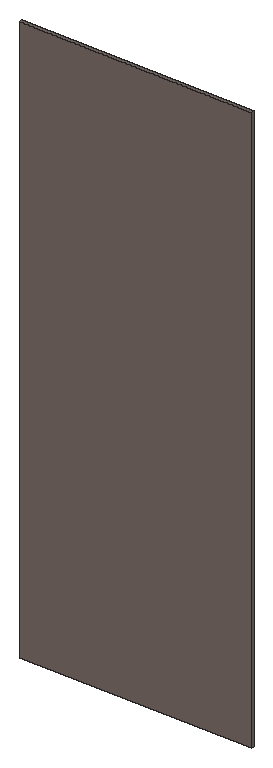
Revit family "MOMENTUM_PANEL_MILLINET", category Generic Models, Revit 2022
Family settings
  Can host rebar = No
  Round Connector Dimension = Use Diameter
  Part Type = Normal
  Work Plane-Based = No
  Always vertical = Yes
  Cut with Voids When Loaded = No
  Maintain Annotation Orientation = No
  Shared = No
  Room Calculation Point = No
Parameters (values of type "millinet_panel-andorra-09572803")
  Warranty URL = "https://momentumtextilesandwalls.com/products/09579227/warranty"
  URL = "https://momentumtextilesandwalls.com/solutions/acoustics"
  Type Comments = ""
  Support Email = "customerservice@momtex.com"
  Product Page URL = "https://momentumtextilesandwalls.com/pages/solutions/acoustics/panels"
  Product Name = "PINDROP PANELS - Millinet"
  Product Documetation Link = "https://momentumtextilesandwalls.com/pages/solutions/acoustics/resources"
  Pindrop Color = Pindrop - Millinet Andorra
  Model = "09572803"
  Material = "1/2\" PET Acoustic Felt"
  Manufacturer Phone Number = "+1 800.366.6839"
  Manufacturer Email = "customerservice@momtex.com"
  Manufacturer Address = "17811 Fitch, Irvine, California 92614"
  Manufacturer = "Momentum"
  Keynote = "09840.A1"
  Instruction Sheet Link = "https://momentumtextilesandwalls-res.cloudinary.com/image/upload/v1/pdf/solid_color_installation_guide.pdf?_a=AAFIKDQ"
  Installation Type = "Construction Adhesive"
  Description = "WALL TO WALL, FLOOR TO CEILING: complete coverage for noisy spaces. Panels can be easily trimmed on-site or made to your exact measurements to ensure a perfect fit. Available in solid colors, textured colors and etched or printed Statement Patterns. Made from recycled PET felt (0.5\"), Red List free with an NRC value of 0.45-0.9.\r\nMILLINET texture pattern: Available in 6 colors, and inspired by fabric weaving, Millinet combines the beauty of a textile with the incredible sound-dampening of a rigid acoustic solution."
  Default Elevation = 0"
  Cost = 0
  Copyright = "Copyright © 2023 Momentum"
  Assembly Code = "C3010140"
Types (6): name | Pindrop Color | Model
  millinet_panel-andorra-09572803 | Pindrop - Millinet Andorra | "09572803"
  millinet_panel-brick-09572858 | Pindrop - Millinet Brick | "09572858"
  millinet_panel-cassite-09572814 | Pindrop - Millinet Cassite | "09572814"
  millinet_panel-earthen-09572836 | Pindrop - Millinet Earthen | "09572836"
  millinet_panel-oceanus-09572825 | Pindrop - Millinet Oceanus | "09572825"
  millinet_panel-pebble-09572847 | Pindrop - Millinet Pebble | "09572847"
Reference planes (in)
  plane 1 "Center (Front/Back)": y = 0
  plane 2: z = 0
  plane 3 "Center (Left/Right)": x = 0
  plane 4: y = -0.5
Forms (in)
  Extrusion 1, solid, material "Pindrop - Millinet Andorra" <- "Pindrop Color"
    sketch origin (0, 0, 0) x (1, 0, 0) y (0, 0, 1)
      loop
        line (0, 0) -> (48, 0) -> (48, 118) -> (0, 118) -> (0, 0)
    from 0 to 0.5
Dimensions and locks (in)
  locked: Extrusion 1 sketch curve to Extrusion 1 sketch curve at 48
  locked: Extrusion 1 sketch curve to Extrusion 1 sketch curve at 118
  plane 4 to plane 1 "Center (Front/Back)" = 1/2"
  aligned and locked: level to plane 2
  aligned and locked: Extrusion 1 sketch curve to level
  aligned and locked: Extrusion 1 sketch curve to plane 3 "Center (Left/Right)"
  aligned and locked: Extrusion 1 to plane 1 "Center (Front/Back)"
  aligned and locked: Extrusion 1 to plane 4
